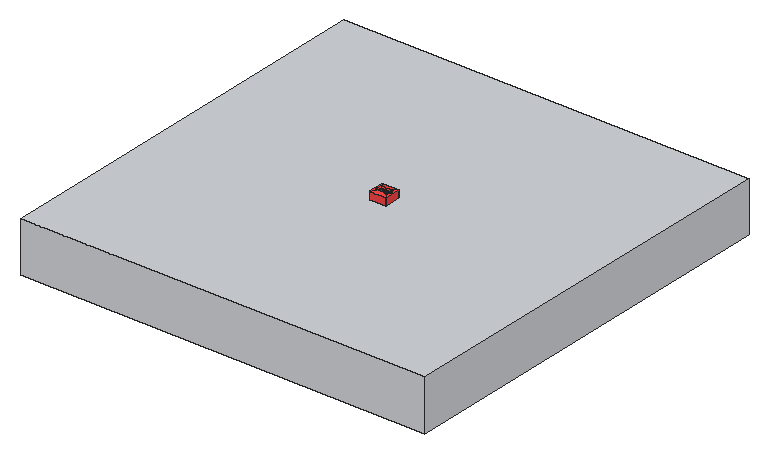
Revit family "MAD-451-I_Pulsador analógico con aislador", category Dispositivos de alarma de incendios, Revit 2017
Family settings
  Anfitrión = Cara
  Mantener orientación de anotación = No
  Cota de conector redondo = Diámetro de uso
  Tipo de pieza = Normal
  Corte con vacíos al cargar = No
  Compartido = No
  Punto de cálculo de habitación = No
Parameters (values of type "MAD-451-I")
  Índice IP = "IP40"  # constant formula
  Voltaje = 230 V
  URL = "https://www.detnov.com/wp-content/uploads/2019/04/Datasheet_MAD-450_I-DS-182-es-2019-a-1.pdf"
  Tensión de trabajo = "De 22 a 38VDC"  # constant formula
  Consumo en reposo = "< 300 μA"  # constant formula
  Temperatura trabajo = "De -5ºC a 55ºC"  # constant formula
  Consumo en alarma = "3 mA"  # constant formula
  Profundidad = 48 mm  # constant formula
  Potencia total = 0 VA
  Conexionado = "2 x 1.5 mm² trenzado y apantallado"  # constant formula
  Nº certificado = "0370-CPR-3150"  # constant formula
  Imagen de tipo = <Ninguno>
  Humedad relativa = "95% sin condensación"  # constant formula
  Fases = 1
  Email = "info@detnov.com"  # constant formula
  Teléfono = "(+34) 93 371 60 25"  # constant formula
  Modelo = "Pulsador MAD-451-I"  # constant formula
  Fabricante = "Detnov Security"  # constant formula
  Default Elevation = 1219.2 mm
  Descripción = "Pulsador de alarma analógico rearmable con aislador incorporado para montaje en superficie. Marca Detnov, modelo MAD-451-I. Incorpora led indicador de estado y llave de prueba. Color rojo. Certificados CPR EN 54-11 y EN 54-17. Dimensiones: 85 x 85 x 55 mm."  # constant formula
  Código de montaje = "PDETMAD-450-I"
  Comentarios de tipo = "Los pulsadores analógicos son el medio por el cual se indican las alarmas de forma manual al sistema analógico de detección de incendio. Son un elemento imprescindible en cualquier instalación junto con los detectores puntuales."  # constant formula
  Certificación = "EN 54-11 y EN 54-17"  # constant formula
  Carga eléctrica = Otro
  Anchura = 98 mm  # constant formula
  Altura = 98 mm  # constant formula
Reference planes
  plane 1 "Centro (Frontal/Posterior)": y = 0
  plane 2: z = 0
  plane 3 "Centro (Izquierda/Derecha)": x = 0
  plane 4 "Pulsadores": z = 38
Forms (mm)
  Extrusion 1, solid
    sketch origin (0, 0, 0) x (1, 0, 0) y (0, 1, 0)
      loop
        line (-1219.2, 1219.2) -> (-1219.2, -1219.2) -> (1219.2, -1219.2) -> (1219.2, 1219.2) -> (-1219.2, 1219.2)
    from 0 to -304.8
  Extrusion 2, solid, material "Rojo"
    sketch origin (0, 0, 0) x (1, 0, 0) y (0, 1, 0)
      loop
        line (46, 49) -> (-46, 49)
        arc (-46, 49) -> (-48.121, 48.121) -> (-49, 46) r 3
        line (-49, 46) -> (-49, -46)
        arc (-49, -46) -> (-48.121, -48.121) -> (-46, -49) r 3
        line (-46, -49) -> (46, -49)
        arc (46, -49) -> (48.121, -48.121) -> (49, -46) r 3
        line (49, -46) -> (49, 46)
        arc (49, 46) -> (48.121, 48.121) -> (46, 49) r 3
    from 0 to 47
  Extrusion 3, void
    sketch origin (0, 0, 0) x (1, 0, 0) y (0, 0, 1)
      loop
        arc (-49.312, 42.384) -> (-32.268, 45.842) -> (-14.938, 47.312) r 150.734
        line (-14.938, 47.312) -> (-49.312, 47.312) -> (-49.312, 42.384)
      loop
        line (49.312, 42.384) -> (49.312, 47.312) -> (14.938, 47.312)
        arc (14.938, 47.312) -> (32.268, 45.842) -> (49.312, 42.384) r 150.734
    from -50 to 50
  Extrusion 4, void
    sketch origin (0, 0, 0) x (0, 1, 0) y (0, 0, 1)
      loop
        arc (-49.322, 42.398) -> (-32.277, 45.855) -> (-14.948, 47.326) r 150.734
        line (-14.948, 47.326) -> (-49.322, 47.326) -> (-49.322, 42.398)
      loop
        line (49.303, 42.398) -> (49.303, 47.326) -> (14.929, 47.326)
        arc (14.929, 47.326) -> (32.259, 45.855) -> (49.303, 42.398) r 150.734
    from -50 to 50
  Blend 5, void
    base sketch origin (0, 0, 0) x (1, 0, 0) y (0, 1, 0)
      loop
        line (33.226, 18.227) -> (-33.226, 18.227) -> (-33.226, -18.226) -> (33.226, -18.226) -> (33.226, 18.227)
    top sketch origin (0, 0, 0) x (1, 0, 0) y (0, 1, 0)
      loop
        line (-37.332, 23.35) -> (-37.332, -23.35) -> (37.332, -23.35) -> (37.332, 23.35) -> (-37.332, 23.35)
    from 38 to 48
  Extrusion 6, void
    sketch origin (0, 0, 0) x (1, 0, 0) y (0, 1, 0)
      loop
        circle (-44.09, 0) r 3.5
      loop
        circle (44.09, 0) r 3.5
    from 42 to 50
  Extrusion 7, solid, material "Negro"
    sketch origin (0, 0, 38) x (-1, 0, 0) y (0, -1, 0)
      loop
        line (29, 3.5) -> (21, 3.5) -> (21, 6.5) -> (15, 0) -> (21, -6.5) -> (21, -3.5) -> (29, -3.5) -> (29, 3.5)
      loop
        line (-29, 3.5) -> (-29, -3.5) -> (-21, -3.5) -> (-21, -6.5) -> (-15, 0) -> (-21, 6.5) -> (-21, 3.5) -> (-29, 3.5)
      loop
        circle (0, 0) r 7.5
      loop
        circle (0, 0) r 3.37
    from 0 to 2
Cuts and joins
  Extrusion 3, Extrusion 4, Blend 5, Extrusion 6 cuts Extrusion 2
Dimensions and locks
  aligned and locked: plane 2 to Extrusion 1
  aligned and locked: level to Extrusion 1
Connectors
  electrical at (0, 0, 0)
    settings: on cut or joined group of Extrusion 2, Extrusion 3, Extrusion 4, Blend 5, Extrusion 6, index 1, voltage 0 V, apparent load 0 VA, apparent load phase1 0 VA, apparent load phase2 0 VA, apparent load phase3 0 VA, power factor 1, load classification "Otro", number of poles 1, system type 11, power factor state 1, is connector primary no, connector utility no, sub classification motor no, connector description ""
  electrical at (0, 0, 0), driven by "Fases", driven by "Carga eléctrica", driven by "Voltaje", driven by "Potencia total"
    settings: on cut or joined group of Extrusion 2, Extrusion 3, Extrusion 4, Blend 5, Extrusion 6, index 2, voltage 230 V, apparent load 0 VA, apparent load phase1 0 VA, apparent load phase2 0 VA, apparent load phase3 0 VA, power factor 0.9, load classification "Otro", number of poles 1, system type 31, power factor state 1, is connector primary yes, connector utility no, sub classification motor no, connector description ""
